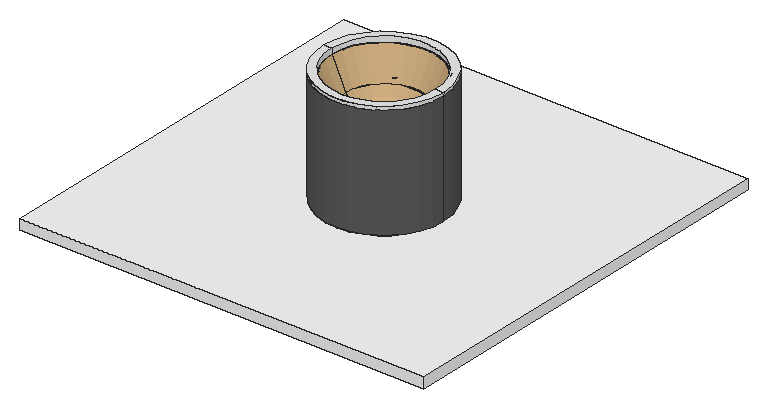
Revit family "BE_50674.4_de_DE", category Leuchten, Revit 2017
Family settings
  Basisbauteil = Fläche
  Bemaßung runder Anschluss = Durchmesser verwenden
  Teiletyp = Normal
  Beim Laden mit Abzugskörper schneiden = Ja
  Lichtquelle = Ja
  Gemeinsam genutzt = Nein
  Raumberechnungspunkt = Ja
Parameters (values of type "BEGA_50674.4_K3")
  built-in parameter 1150104 = 14.391 (stored number, unit not read)
  Wattage = 8.1 W
  Default Elevation = 0 mm
  built-in parameter 1150113 = 1 (stored number, unit not read)
  built-in parameter 1114218 = 1 (stored number, unit not read)
  Umgebungstemperatur = "25 °C"
  URL = "https://www.bega.com/de/produkt/50674.4"
  Typenkommentare = "© 2020 BEGA. Wir behalten uns das Recht vor, technische Änderungen ohne vorherige Ankündigung vorzunehmen."  # constant formula
  built-in parameter 1150134 = (empty or 0)
  built-in parameter 1150109 = 1 (stored number, unit not read)
  Strom = ""
  built-in parameter 1150110 = 1 (stored number, unit not read)
  Spannung = 239.996 V
  Sonderanfertigung = no
  Seriennummer [instance] = "Hier können Sie die eindeutige Seriennummer für das Facility Management eintragen."
  Schutzklasse = "I"
  Schutzart = "IP 20"
  Scheinlast = 0 VA
  Produktdatenblatt = "http://www.bega.de/download/Xrfa/db/50674.4.db.de.pdf"
  Oberflächentemperatur = ""
  Neigungswinkel = 0.00°
  Modell = "50674.4K3"
  Material_35 = BEGA_Oberfläche_Samtschwarz_matt
  Material_31 = BEGA_Oberfläche_Messing_matt
  Material_23 = BEGA_Oberfläche_Chrom_poliert
  Material_17 = BEGA_Reflektor
  Material_15 = BEGA_Leuchtmedium_matt
  Material_13 = BEGA_Kunststoff_matt
  Material_11 = BEGA_Glas_opal
  Material_09 = BEGA_Glas_klar
  Material_06 = BEGA_Oberfläche_Edelstahl_gebürstet
  Material_03 = BEGA_Oberfläche_Weiss_matt
  Material_02 = BEGA_Oberfläche_Silber_matt
  Material_01 [instance] = BEGA_Oberfläche_Grafit_matt
  M_W = no
  M_G = no
  M_A = no
  Logo = 0
  built-in parameter 1114217 = 1 (stored number, unit not read)
  built-in parameter 1150139 = (empty or 0)
  built-in parameter 1150105 = 99.845 (stored number, unit not read)
  built-in parameter 1150114 = 1 (stored number, unit not read)
  Lumens = 1254.69 lm
  built-in parameter 1150115 = 1 (stored number, unit not read)
  Leuchtenlichtstrom = "861 lm"
  Leuchtenanzahl = ""
  Lebensdauerkriterien = "L70B50 @ 25 °C = 400000 h"
  Lastklassifizierung = Beleuchtung
  built-in parameter 1150112 = 1 (stored number, unit not read)
  Lampenlichtstrom = "1255 lm"
  Lampe = "LED 8.1 W"
  LED_Modulbezeichnung = "LED-0800/930"
  Hersteller = "BEGA"  # constant formula
  Halbstreuwinkel = ""
  Gewicht = "0.9 kg"
  Gebrauchslageneinschränkung [instance] = ""
  Frequenz = "0/50-60 Hz"
  Farbwiedergabeindex = "CRI > 90"
  Farbtemperaturverschiebung bei Dämpfen der Lampe = <Keine Auswahl>
  Farbtemperatur = "3000 K"
  Color Filter = 16777215
  built-in parameter 1150133 = 10 (stored number, unit not read)
  Energieeffizienzklasse = "LED A++ - A"
  built-in parameter 1150137 = (empty or 0)
  built-in parameter 1150132 = (empty or 0)
  ENEC = "ja"
  Dimmbar [instance] = "DALI"
  Datei für fotometrisches Netz = "BE_50674-4K3.IES"
  CE_Konformität = "ja"
  Bestellnummer = "50674.4K3"
  Beschreibung_Sonderanfertigung = "Hier können Sie Informationen zur Sonderanfertigung eintragen."
  Beschreibung = "Deckenleuchte · Tiefstrahler"
  built-in parameter 1150106 = 0.99845 (stored number, unit not read)
  Befestigungsbohrung = "Ø 4,5 mm"
  Befestigungsabstand = "96 mm"
  Ballwurfsicher = ""
  BEGA_Intern_aus = yes
  BEGA_Intern_an = yes
  BEGA_Intern_Konstruktion = yes
  BEGA_Intern = yes
  BEGA_IES = yes
  BEGA_Dummy = no
  Anschlussleitung = ""
  Anschlussleistung [instance] = "9.8 W"
  Anschlusskasten = ""
  built-in parameter 1150107 = 3000 (stored number, unit not read)
  built-in parameter 1150102 = (empty or 0)
  built-in parameter 1150138 = (empty or 0)
  Aktualisierung = "2020-09-14T04:00:11"
  Abstand_zur_angestrahlten_Fläche [instance] = ""
  AC/DC = "AC/DC"
Reference planes
  plane 1 "Mitte (Vorne/Hinten)": y = 0
  plane 2: z = 0
  plane 3 "Mitte (Links/Rechts)": x = 0
  plane 4 "Links": x = -59.5
  plane 5 "Rechts": x = 59.5
  plane 6 "Unten": y = -59.5
  plane 7 "Oben": y = 59.5
  plane 8 "Vorne": z = 115.1
  plane 9 "Hinten": z = 0
Forms (mm)
  Extrusion 1, solid, material "BEGA_Platte_Weiss"
    sketch origin (0, -1119.2, 0) x (1, 0, 0) y (0, 1, 0)
      loop
        line (-200, 1319.2) -> (-200, 919.2) -> (200, 919.2) -> (200, 1319.2) -> (-200, 1319.2)
    from 0 to -10
  Extrusion 2, solid, material "BEGA_Dummy_matt", visible <- "BEGA_Dummy"
    sketch origin (77.149, -76.023, 0) x (1, 0, 0) y (0, 1, 0)
      loop
        circle (-77.149, 76.023) r 59.5
    from 0 to 115.1
Dimensions and locks
  plane 1 "Mitte (Vorne/Hinten)" to Extrusion 1 = 200 mm
  aligned and locked: plane 2 to Extrusion 1
  aligned and locked: level to Extrusion 1
Nested families
  nested 1: "BE_50674.4" at (0, 0, 0), type "BE_50674.4"
Connectors
  electrical at (0, 0, 0), driven by "Lastklassifizierung", driven by "Spannung", driven by "Scheinlast"
    settings: index 1, voltage 239.996 V, apparent load 0 VA, apparent load phase1 0 VA, apparent load phase2 0 VA, apparent load phase3 0 VA, power factor 1, load classification "Beleuchtung", number of poles 1, system type 31, power factor state 1, is connector primary yes, connector utility no, sub classification motor no, connector description ""
Definition of nested family "BE_50674.4"
  Parameters (values of type "BE_50674.4")
    Default Elevation = 1 mm
    URL = "http://www.bega.de/de/produkt"
    Type Comments = "© 2015 BEGA. Wir behalten uns das Recht vor, technische Änderungen ohne vorherige Ankündigung vorzunehmen. "  # constant formula
    Type Image = (empty or 0)
    Neigungswinkel_um_Z2 = 0.00°
    Neigungswinkel_um_Z1 = 0.00°
    Neigungswinkel_um_Y2 = 0.00°
    Neigungswinkel_um_Y1 = 0.00°
    Neigungswinkel_um_X2 = 0.00°
    Neigungswinkel_um_X1 = 0.00°
    Material_35 = none
    Material_31 = none
    Material_23 = none
    Material_22 = none
    Material_17 = none
    Material_15 = none
    Material_13 = none
    Material_11 = none
    Material_09 = none
    Material_06 = none
    Material_05 = none
    Material_02 = none
    Material_01 = none
    M_W = yes
    M_G = yes
    M_A = yes
    Länge_Platte = 200 mm  # constant formula
    Höhe_Platte = -10 mm  # constant formula
    Manufacturer = "BEGA"  # constant formula
    Drehwinkel_um_Z2 = 0.00°
    Drehwinkel_um_Z1 = 0.00°
    Breite_Platte = 200 mm  # constant formula
  Reference planes
    plane 1 "Mitte (Oben/Unten)": y = 0
    plane 2: z = 0
    plane 3 "Mitte (Links/Rechts)": x = 0
    plane 4 "Hinten": z = 0
    plane 5 "Links": x = -59.5
    plane 6 "Rechts": x = 59.5
    plane 7 "Oben": y = 59.5
    plane 8 "Unten": y = -59.5
    plane 9: z = 115.1
  Forms (mm)
    Extrusion 1, solid, detail levels medium
      sketch origin (0, 0, 0) x (1, 0, 0) y (0, 1, 0)
        loop
          line (-100, 100) -> (-100, -100) -> (100, -100) -> (100, 100) -> (-100, 100)
      from 0 to -10 <- "Höhe_Platte"
    Revolve 2, solid, material <- "Material_13"
      sketch origin (0, 0, 0) x (1, 0, 0) y (0, 0, 1)
        loop
          line (0, 60.73) -> (0, 61.93)
          arc (0, 61.93) -> (-6.282, 60.311) -> (-11, 55.858) r 13
          line (-11, 55.858) -> (-11.994, 55.858) -> (-11.994, 54.458) -> (-9.75, 54.458) -> (-9.75, 55.576)
          arc (-9.75, 55.576) -> (-5.514, 59.362) -> (0, 60.73) r 11.8
        axis (0, 54.458) -> (0, 61.93)
      angle from 0 to 360
    Revolve 3, solid, material <- "Material_31"
      sketch origin (0, 0, 0) x (1, 0, 0) y (0, 0, 1)
        loop
          line (-18.273, 56.462) -> (-11, 55.825) -> (-11, 56.829) -> (-18.186, 57.458)
          arc (-18.186, 57.458) -> (-29.245, 67.993) -> (-37.796, 80.65) r 71.028
          line (-37.796, 80.65) -> (-39.6, 81.691) -> (-41.259, 85.331) -> (-42.169, 84.917) -> (-40.377, 80.985) -> (-38.491, 79.896)
          arc (-38.491, 79.896) -> (-29.813, 66.944) -> (-18.273, 56.462) r 64.266
        axis (0, 55.825) -> (0, 85.331)
      angle from 0 to 360
    Revolve 4, solid, material <- "Material_23"
      sketch origin (0, 0, 0) x (1, 0, 0) y (0, 0, 1)
        loop
          line (-59.446, 115.1) -> (-59.398, 111.8) -> (-52.937, 111.8) -> (-52.885, 110.3) -> (-51.582, 110.3) -> (-51.75, 115.1) -> (-59.446, 115.1)
        axis (0, 110.3) -> (0, 115.1)
      angle from 0 to 360
    Revolve 5, solid, material <- "Material_35"
      sketch origin (0, 0, 0) x (1, 0, 0) y (0, 0, 1)
        loop
          line (-55.325, 106.9) -> (-56.8, 106.9) -> (-57.071, 111.9) -> (-59.5, 111.8) -> (-59.4, 0.9) -> (-58.543, 0.997) -> (-58.303, 5.1) -> (-57.328, 5.374) -> (-57.2, 6.839) -> (-57.2, 14.979) -> (-56.022, 17.021) -> (-55.5, 46.9) -> (0, 46.9) -> (0, 51.9) -> (-53.405, 51.9) -> (-55.325, 106.9)
        axis (0, 0.9) -> (0, 111.9)
      angle from 0 to 360
    Revolve 6, solid, material <- "Material_31"
      sketch origin (0, 0, 0) x (1, 0, 0) y (0, 0, 1)
        loop
          line (-38.056, 80.8) -> (-51.236, 109.721)
          arc (-51.236, 109.721) -> (-51.605, 110.143) -> (-52.143, 110.3) r 1
          line (-52.143, 110.3) -> (-53.3, 110.3) -> (-53.3, 109.3) -> (-52.143, 109.3) -> (-39.547, 81.661) -> (-38.056, 80.8)
        axis (0, 80.8) -> (0, 110.3)
      angle from 0 to 360
    Revolve 7, solid, material <- "Material_05"
      sketch origin (0, 0, 0) x (1, 0, 0) y (0, 0, 1)
        loop
          line (53.452, 9) -> (53.609, 0) -> (58.1, 0) -> (58.1, 4.627) -> (55.75, 5) -> (55.75, 8.001) -> (55.75, 12.5) -> (55.348, 14) -> (53.505, 14) -> (53.4, 11) -> (39.07, 11) -> (39, 9) -> (53.452, 9)
        axis (0, 0) -> (0, 14)
      angle from 0 to 360
    Extrusion 8, solid, material <- "Material_05"
      sketch origin (0, 0, 0) x (1, 0, 0) y (0, 1, 0)
        loop
          circle (0, -48) r 7.58
        loop
          circle (0, 48) r 7.58
        loop
          circle (0, 48) r 2.25
        loop
          circle (0, -48) r 2.25
      from 0 to 11
  Cuts and joins
    joined: Revolve 7, Extrusion 8
  Dimensions and locks
    equal spacing: Extrusion 1 sketch curve, plane 3 "Mitte (Links/Rechts)", Extrusion 1 sketch curve
    equal spacing: Extrusion 1 sketch curve, plane 1 "Mitte (Oben/Unten)", Extrusion 1 sketch curve
    "Länge_Platte": Extrusion 1 sketch curve to Extrusion 1 sketch curve
    "Breite_Platte": Extrusion 1 sketch curve to Extrusion 1 sketch curve
    aligned and locked: plane 2 to Extrusion 1
    aligned and locked: level to Extrusion 1
  Automatic sketch dimensions
    Revolve 2 sketch curve to Revolve 2 sketch curve = 0 mm  (x3)
    Revolve 2 sketch curve to plane 3 "Mitte (Links/Rechts)" = 0 mm  (x2)
    Revolve 2 sketch curve to plane 3 "Mitte (Links/Rechts)" = 9.75 mm
    Revolve 2 sketch curve to Revolve 2 sketch curve = 1.25 mm
    Revolve 2 sketch curve to Revolve 2 sketch curve = 0.994 mm
    level to Revolve 2 sketch curve = 48.93 mm
    Revolve 2 sketch curve to Revolve 2 sketch curve = 5.528 mm
    Revolve 2 sketch curve to Revolve 2 sketch curve = 1.118 mm
    Revolve 2 sketch curve to Revolve 2 sketch curve = 1.4 mm
    Revolve 2 sketch curve to Revolve 2 sketch curve = 2.853 mm
    Revolve 2 sketch curve to Revolve 2 sketch curve = 5.947 mm
    Revolve 4 sketch curve to plane 3 "Mitte (Links/Rechts)" = 0 mm
    Revolve 4 sketch curve to plane 3 "Mitte (Links/Rechts)" = 51.582 mm
    Revolve 4 sketch curve to Revolve 4 sketch curve = 0.168 mm
    Revolve 4 sketch curve to Revolve 4 sketch curve = 1.302 mm
    Revolve 4 sketch curve to Revolve 4 sketch curve = 0.052 mm
    Revolve 4 sketch curve to Revolve 4 sketch curve = 6.461 mm
    Revolve 4 sketch curve to Revolve 4 sketch curve = 0.047 mm
    Revolve 4 sketch curve to Revolve 4 sketch curve = 1.5 mm
    Revolve 4 sketch curve to Revolve 4 sketch curve = 3.3 mm
    Revolve 4 sketch curve to Revolve 4 sketch curve = 2.164 mm
    Revolve 4 sketch curve to Revolve 4 sketch curve = 8.028 mm
    Revolve 3 sketch curve to plane 3 "Mitte (Links/Rechts)" = 0 mm
    Revolve 3 sketch curve to plane 3 "Mitte (Links/Rechts)" = 11 mm
    Revolve 3 sketch curve to Revolve 3 sketch curve = 0 mm
    Revolve 3 sketch curve to Revolve 3 sketch curve = 7.186 mm
    Revolve 3 sketch curve to Revolve 3 sketch curve = 21.414 mm
    Revolve 3 sketch curve to Revolve 3 sketch curve = 1.659 mm
    Revolve 3 sketch curve to Revolve 3 sketch curve = 0.91 mm
    plane 3 "Mitte (Links/Rechts)" to Revolve 3 sketch curve = 18.846 mm
    Revolve 3 sketch curve to Revolve 3 sketch curve = 6.148 mm
    Revolve 3 sketch curve to Revolve 3 sketch curve = 4.931 mm
    Revolve 3 sketch curve to Revolve 3 sketch curve = 0.415 mm
    Revolve 3 sketch curve to Revolve 3 sketch curve = 3.64 mm
    Revolve 3 sketch curve to Revolve 3 sketch curve = 24.233 mm
    Revolve 3 sketch curve to Revolve 3 sketch curve = 0.629 mm
    Revolve 3 sketch curve to Revolve 3 sketch curve = 1.004 mm
    Revolve 3 sketch curve to Revolve 3 sketch curve = 0.087 mm
    Revolve 3 sketch curve to Revolve 3 sketch curve = 0.777 mm
    Revolve 3 sketch curve to Revolve 3 sketch curve = 6.249 mm
    Revolve 3 sketch curve to Revolve 3 sketch curve = 6.761 mm
    Revolve 3 sketch curve to Revolve 3 sketch curve = 0.706 mm
    Revolve 3 sketch curve to Revolve 3 sketch curve = 0.754 mm
    Revolve 3 sketch curve to Revolve 3 sketch curve = 1.109 mm
    Revolve 3 sketch curve to Revolve 3 sketch curve = 0.695 mm
    Revolve 3 sketch curve to Revolve 3 sketch curve = 10.583 mm
    Revolve 6 sketch curve to plane 3 "Mitte (Links/Rechts)" = 0 mm
    Revolve 6 sketch curve to plane 3 "Mitte (Links/Rechts)" = 38.056 mm
    Revolve 6 sketch curve to Revolve 6 sketch curve = 1.491 mm
    Revolve 6 sketch curve to Revolve 6 sketch curve = 11.688 mm
    Revolve 6 sketch curve to Revolve 6 sketch curve = 0.907 mm
    Revolve 6 sketch curve to Revolve 6 sketch curve = 0.001 mm
    Revolve 6 sketch curve to Revolve 6 sketch curve = 1.157 mm
    level to Revolve 6 sketch curve = 80.8 mm
    Revolve 6 sketch curve to Revolve 6 sketch curve = 0.861 mm
    Revolve 6 sketch curve to Revolve 6 sketch curve = 27.639 mm
    Revolve 6 sketch curve to Revolve 6 sketch curve = 0 mm
    Revolve 6 sketch curve to Revolve 6 sketch curve = 0.421 mm
    Revolve 6 sketch curve to Revolve 6 sketch curve = 12.305 mm
    Revolve 6 sketch curve to Revolve 6 sketch curve = 10 mm
    Revolve 7 sketch curve to plane 3 "Mitte (Links/Rechts)" = 0 mm
    Revolve 7 sketch curve to level = 0 mm
    level to Revolve 7 sketch curve = 9 mm
    plane 3 "Mitte (Links/Rechts)" to Revolve 7 sketch curve = 39 mm
    Revolve 7 sketch curve to Revolve 7 sketch curve = 0.07 mm
    Revolve 7 sketch curve to Revolve 7 sketch curve = 14.33 mm
    Revolve 7 sketch curve to Revolve 7 sketch curve = 0.052 mm
    Revolve 7 sketch curve to Revolve 7 sketch curve = 0.105 mm
    Revolve 7 sketch curve to Revolve 7 sketch curve = 0.157 mm
    Revolve 7 sketch curve to Revolve 7 sketch curve = 1.843 mm
    level to Revolve 7 sketch curve = 5 mm
    Revolve 7 sketch curve to Revolve 7 sketch curve = 2.298 mm
    level to Revolve 7 sketch curve = 4.627 mm
    Revolve 7 sketch curve to Revolve 7 sketch curve = 2.35 mm
    Revolve 7 sketch curve to Revolve 7 sketch curve = 0.999 mm
    Revolve 7 sketch curve to Revolve 7 sketch curve = 2 mm
    Revolve 7 sketch curve to Revolve 7 sketch curve = 1.5 mm  (x2)
    Revolve 7 sketch curve to level = 6 mm
    level to Revolve 7 sketch curve = 44 mm
    Revolve 5 sketch curve to plane 3 "Mitte (Links/Rechts)" = 0 mm  (x2)
    Revolve 5 sketch curve to plane 3 "Mitte (Links/Rechts)" = 53.405 mm
    Revolve 5 sketch curve to Revolve 5 sketch curve = 1.921 mm
    Revolve 5 sketch curve to Revolve 5 sketch curve = 2.095 mm
    level to Revolve 5 sketch curve = 17.021 mm
    Revolve 5 sketch curve to Revolve 5 sketch curve = 0.522 mm
    Revolve 5 sketch curve to Revolve 5 sketch curve = 1.475 mm
    Revolve 5 sketch curve to Revolve 5 sketch curve = 0.271 mm
    level to Revolve 5 sketch curve = 6.839 mm
    Revolve 5 sketch curve to Revolve 5 sketch curve = 1.178 mm
    level to Revolve 5 sketch curve = 14.979 mm
    Revolve 5 sketch curve to Revolve 5 sketch curve = 1.179 mm
    level to Revolve 5 sketch curve = 0.997 mm
    Revolve 5 sketch curve to Revolve 5 sketch curve = 1.344 mm
    level to Revolve 5 sketch curve = 0.9 mm
    Revolve 5 sketch curve to Revolve 5 sketch curve = 0.857 mm
    Revolve 5 sketch curve to Revolve 5 sketch curve = 2.429 mm
    level to Revolve 5 sketch curve = 46.9 mm
    Revolve 5 sketch curve to Revolve 5 sketch curve = 5 mm  (x2)
    Revolve 5 sketch curve to Revolve 5 sketch curve = 55 mm
    Revolve 5 sketch curve to Revolve 5 sketch curve = 4.9 mm
    Revolve 5 sketch curve to Revolve 5 sketch curve = 0.1 mm
    level to Revolve 5 sketch curve = 5.374 mm
    Revolve 5 sketch curve to Revolve 5 sketch curve = 0.128 mm
    level to Revolve 5 sketch curve = 5.1 mm
    Revolve 5 sketch curve to Revolve 5 sketch curve = 0.975 mm
    Revolve 5 sketch curve to Revolve 5 sketch curve = 15 mm
    Extrusion 8 sketch curve to Extrusion 8 sketch curve = 0 mm  (x4)
    Extrusion 8 sketch curve to plane 3 "Mitte (Links/Rechts)" = 0 mm  (x2)
    plane 1 "Mitte (Oben/Unten)" to Extrusion 8 sketch curve = 48 mm
    Extrusion 8 sketch curve to plane 1 "Mitte (Oben/Unten)" = 48 mm
    level to Revolve 3 sketch curve = 55.825 mm
    level to Revolve 4 sketch curve = 110.3 mm
    radius of Extrusion 8 sketch curve = 7.58 mm  (x2)
    radius of Extrusion 8 sketch curve = 2.25 mm  (x2)
